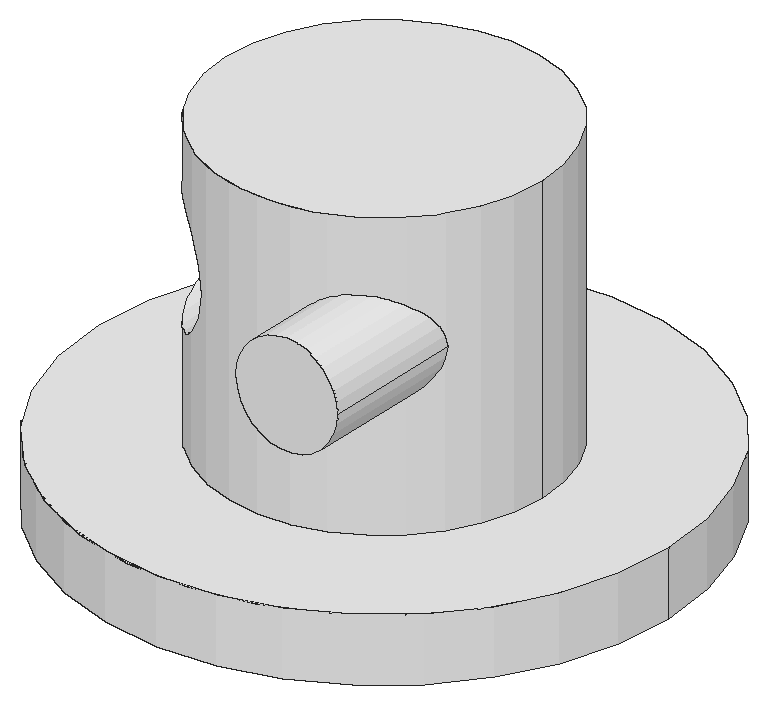
Revit family "KEUCO_59592010001", category Allgemeines Modell, Revit 2016
Family settings
  Teiletyp = Normal
  Kann Basisbauteil für Bewehrung sein = Nein
  Bemaßung runder Anschluss = Durchmesser verwenden
  Arbeitsebenenbasiert = Ja
  Immer vertikal = Nein
  Beim Laden mit Abzugskörper schneiden = Nein
  Gemeinsam genutzt = Nein
  Raumberechnungspunkt = Nein
Parameters
  Verwendung = "DU / WA"  # constant formula
  Preisgruppe = ""
  Kategorie = ""
  Gewicht = 0
  Breite = 45 mm
  URL = "https://www.keuco.com"
  Materialien bei Hersteller anfragen = "Anfrage zu:  objektmanagement@keuco.de"
  Description = "--"
  Default Elevation = 1219.2 mm
  Serie = "Plan"  # constant formula
  Material = Stahl, verchromt
  Hersteller = "KEUCO"  # constant formula
  Assembly Code = ""
  Ausschreibungstext = ""
  Artikelnummer = "59592010001"
Types (2, lengths in mm): name | URL | Materialien bei Hersteller anfragen | Description | Ausschreibungstext
  (no name) | "https://www.keuco.com" | "Anfrage zu:  objektmanagement@keuco.de" | "--" | ""
  59592010001 | "https://www.keuco.com/de/produkte/sortiment/artikel/?pid=59592&oid=3&pgo=4&country=de&lang=de&vid=59592010001" | "Request to:  objektmanagement@keuco.de" | "für Schläuche mit konischer Mutter\r\nmit runder Rosette, eigensicher gegen Rückfließen\r\nnach DIN EN 1717" | "KEUCO IXMO Schlauchanschluss mit Brausehalter DN15, 59592010001\r\nSchlauchanschluss aus hochglanzverchromten Messing\r\nmit runder Rosette und integriertem Brausehalter für Schläuche \r\nmit konischer Mutter, z.B. KEUCO Brauseschlauch 54995..., \r\neigensicher gegen Rückfließen, frei positionierbar,\r\nRosettendurchmesser 90 mm, Stärke 10 mm, \r\nSchlauchanschluss G 1/2 Zoll, Gesamtausladung 55 mm"
Reference planes
  plane 1 "Center (Front/Back)": y = 0
  plane 2: z = 0
  plane 3 "Center (Left/Right)": x = 0
  plane 4: z = 36
Forms (mm)
  Extrusion 1, solid, material "Stahl, verchromt" <- "Material"
    sketch origin (0, 16.5, 20) x (0, 1, 0) y (-1, 0, 0)
      loop
        circle (-16.5, 0) r 45
    from -20 to -10
  Extrusion 2, solid, material "Stahl, verchromt" <- "Material"
    sketch origin (0, 16.5, 20) x (0, 1, 0) y (-1, 0, 0)
      loop
        circle (-16.5, 0) r 25
    from -10 to 35
  Extrusion 3, solid, material "Stahl, verchromt" <- "Material"
    sketch origin (0, 0, 0) x (1, 0, 0) y (0, 0, 1)
      loop
        circle (12.956, 36) r 8.015
    from 13.274 to 35.444
  Extrusion 4, void
    sketch origin (-4.218, 0, 11.189) x (1, 0, 0) y (0, 0, 1)
      loop
        circle (-16.68, 24.926) r 10
    from -22.976 to 23.381
Cuts and joins
  Extrusion 4 cuts Extrusion 2
  joined: Extrusion 2, Extrusion 3
Dimensions and locks
  plane 4 to plane 2 = 36 mm
  aligned and locked: level to plane 2
